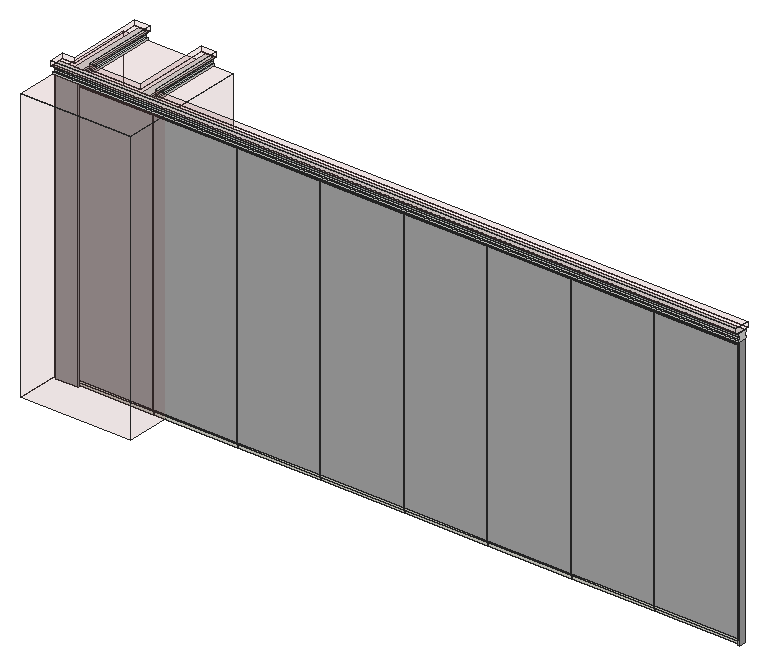
Revit family "Operable-Walls_Modernfold_Legacy-Premier_Single-Panels_Expandable-Panel-Parallel-Stack", category Specialty Equipment, Revit 2026
Family settings
  Round Connector Dimension = Use Diameter
  Part Type = Normal
  Classification Number = 23.25.40.17.14
  Work Plane-Based = No
  Enable Cutting in Views = No
  Always vertical = Yes
  Cut with Voids When Loaded = No
  Maintain Annotation Orientation = No
  Shared = No
  Room Calculation Point = No
Parameters (values of type "No Pocket Door")
  zWallJambVis [instance] = if([1.25 Inch Wall Jamb], 1 = 1, if(and(Bulb Seal, NotStack), 1 = 1, 1 = 0))  # yes
  zPCOffset [instance] = (Stack Depth - 0' 8 7/8" - 0' 1 1/2" - (0' 3" * Panel Array Count)) / Panel Array Count + 0' 3"  # 0' - 3.60417"
  zNoPckt = 1 = 1  # yes
  zHghtLmt [instance] = if(Ceiling Height > Ceiling Height Max, Ceiling Height Max, if(Ceiling Height < Ceiling Height Min, Ceiling Height Min, Ceiling Height))  # 12' - 0"
  zClearanceHeight = 0' - 2 13/16"  # constant formula
  zCCMID [instance] = Carrier Centers / 2  # 1' - 5 1/2"
  URL = "https://www.modernfold.com/en-US"
  Trim Material = Trim Color - Modernfold-Sherwin Williams® - Natural Choice
  Transfer Track [instance] = Stack Depth + 0' 6"  # 3' - 2"
  Track Trim = 0' - 1"  # constant formula
  Track Material = Wall finish - Modernfold - Anodized aluminium
  Track Clearance Vis [instance] = yes
  StacksWPanel [instance] = and(Stack, Bulb Seal)  # no
  Stack Depth [instance] = (0' 3 3/4" * Number of Panels) + 0' 2"  # 2' - 8"
  Stack Clearance Vis [instance] = yes
  Stack [instance] = no
  Plan View Warning [instance] = or(Panel Width > Panel Width Max, Panel Width < Panel Width Min, Installation Width > Installation Width Max, Ceiling Height > Ceiling Height Max, Ceiling Height < Ceiling Height Min)  # no
  Panel Width [instance] = (Installation Width - Lead Condition Width - 0' 1 1/4" - 0' 6 1/2") / (Number of Panels)  # 3' - 7 7/8"
  Panel Thickness = 0' - 3"  # constant formula
  Panel Material = Wall Finish - Modernfold - Grey
  Additional Panels [instance] = 0
  Number of Panels [instance] = if(Additional Panels = 0, Min Panel Count Allowed, if((Min Panel Count Allowed + Additional Panels) > Max Panel Count Allowed, Min Panel Count Allowed, Min Panel Count Allowed + Additional Panels))  # 8
  NotStack [instance] = not(Stack)  # yes
  Model = "Acousti-Seal® Legacy® & Premier®"
  Min Panel Count Allowed [instance] = roundup((Installation Width - Lead Condition Width - 0' 7 3/4") / (Panel Width Max))  # 8
  Max Panel Count Allowed [instance] = rounddown((Installation Width - Lead Condition Width - 0' 7 3/4") / (Panel Width Min))  # 12
  Manufacturer = "Modernfold"  # constant formula
  Manual Seal [instance] = not(Auto. Seal)  # no
  Lead Condition Width [instance] = if(Bulb Seal, 0' 1 1/2", 0' 1 1/4")  # 0' - 1 1/4"
  Installation Width [instance] = 30' - 0"
  Panel Width Min [instance] = 2' - 4"  # constant formula
  Panel Width Max [instance] = 4' - 0"  # constant formula
  Description = "Legacy/Premier - Expandable Panels - Single Panels - Parallel Stack - No Pocket Door"
  **Panel Count Available** [instance] = if((Min Panel Count Allowed + Additional Panels) > Max Panel Count Allowed, "Number of Panels does NOT fall within constraints listed. Panel count will default to minimum count allowed.", "Panel Count Available.")  # "Panel Count Available."
  Seal Width = 0' - 1 1/2"  # constant formula
  Panel Array Count [instance] = Number of Panels - 2  # 6
  Hinge Location [instance] = Panel Width + 0' 1 1/4" + 0' 6 1/2"  # 4' - 3 5/8"
  Fabrication Height [instance] = zHghtLmt - Track Trim  # 11' - 11"
  Clearance Width [instance] = Carrier Centers + Clearance Lead + Clearance Trail  # 4' - 10"
  Clearance Trail [instance] = 0' - 10"  # constant formula
  Clearance Lead [instance] = ClearLeadInt * 0' 1"  # 1' - 1"
  Clearance Depth [instance] = Stack Depth + 3' 0"  # 5' - 8"
  ClearTrailInt [instance] = roundup((Carrier Backset + 0' 5") / 0' 1")  # 10
  ClearLeadInt [instance] = if(Auto. Seal, roundup((Carrier Backset + 0' 8") / 0' 1"), roundup((Carrier Backset + 0' 5") / 0' 1"))  # 13
  Ceiling Height [instance] = 12' - 0"
  Carrier Centers [instance] = if((CSpacingInt * 0' 1") > Carrier Spacing Max, Carrier Spacing Max, (CSpacingInt * 0' 1"))  # 2' - 11"
  Carrier Backset [instance] = (Panel Width - Carrier Centers) / 2  # 0' - 4 7/16"
  CSpacingInt [instance] = rounddown((Panel Width - 0' 8") / 0' 1")  # 35
  Bulb Seal [instance] = not([1.25 Inch Wall Jamb])  # no
  Carrier Spacing Max [instance] = 3' - 0"  # constant formula
  Installation Width Max [instance] = 80' - 9"  # constant formula
  Does not Stack with Panels [instance] = and(Stack, [1.25 Inch Wall Jamb])  # no
  Default Elevation = 0' - 0"
  Ceiling Height Min [instance] = 4' - 2"  # constant formula
  Ceiling Height Max [instance] = 12' - 4"  # constant formula
  Start Panel Width [instance] = Panel Width  # 3' - 7 7/8"
  Bottom Seal Height = 0' - 2"  # constant formula
  Auto. Seal [instance] = yes
  1.25 Inch Wall Jamb [instance] = yes
Reference planes (in)
  plane 1 "Center (Front/Back)": y = 0
  plane 2: z = 0
  plane 3 "Left": x = -57.06482
  plane 4 "F": y = -24
  plane 5 "G": y = 44
  plane 6 "J&K": x = 0.93518
  plane 7 "L": x = -12.06482
  plane 8: x = -5.43982
  plane 9: x = 38.43518
  plane 10: x = 302.93518
  plane 11: x = 301.68518
  plane 12: x = 38.43518
  plane 13: z = 144
  plane 14: z = 143
  plane 15: y = 0.75
  plane 16: y = -0.75
  plane 17: z = 2
  plane 18: z = 2.625
  plane 19: y = 1.5
  plane 20: y = -1.5
  plane 21: y = 2.5
  plane 22: y = -2.5
  plane 23: y = 2.1543
  plane 24: y = -2.1543
  plane 25: z = 147.1875
  plane 26: z = 150
  plane 27: z = 141.75
  plane 28: z = 141.25
  plane 29: y = 4
  plane 30: y = -4
  plane 31: y = 1.80291
  plane 32: y = -4.4375
  plane 33: x = -55.81482
  plane 34: x = -47.06482
  plane 35: z = 150
  plane 36: y = 12
  plane 37: x = -16.06482
  plane 38: x = -14.21912
  plane 39: x = -29.56482
  plane 40: y = 39
  plane 41: y = 35.125
  plane 42: y = 31.52083
  plane 43: x = -29.56482
  plane 44: x = -29.56482
  plane 45: x = -29.56482
  plane 46: x = -29.56482
  plane 47: x = -29.56482
  plane 48: x = -29.56482
Forms (in)
  Sweep 1, solid, material "Wall finish - Modernfold - Anodized aluminium" <- "Track Material"
    path origin (0, 0, 0) x (1, 0, 0) y (0, 1, 0)
      loop
        line (302.93518, 0) -> (-57.06482, 0)
    profile origin (122.93518, 0, 0) x (0, -1, 0) y (0, 0, 1)
      loop
        line (-2.1543, 147.1875) -> (-2.1543, 146.2845) -> (-1.531, 145.025) -> (-1.531, 144) -> (-2.5, 144) -> (-2.5, 143) -> (2.5, 143) -> (2.5, 144) -> (1.531, 144) -> (1.531, 145.025) -> (2.1543, 146.2845) -> (2.1543, 147.1875) -> (-2.1543, 147.1875)
  Extrusion 2, solid, material "Clearance", visible <- "Stack Clearance Vis"
    sketch origin (0, 0, 0) x (1, 0, 0) y (0, 1, 0)
      loop
        line (0.93518, 44) -> (-57.06482, 44) -> (-57.06482, -24) -> (0.93518, -24) -> (0.93518, 44)
    from 0 to 143
  Extrusion 3, solid, material "Clearance", visible <- "Track Clearance Vis"
    sketch origin (0, 0, 0) x (1, 0, 0) y (0, 1, 0)
      loop
        line (-8.06482, 44) -> (-16.06482, 44) -> (-16.06482, 4) -> (-43.06482, 4) -> (-43.06482, 44) -> (-51.06482, 44) -> (-51.06482, 4) -> (-57.06482, 4) -> (-57.06482, -4) -> (302.93518, -4) -> (302.93518, 4) -> (-8.06482, 4) -> (-8.06482, 44)
    from 147.1875 to 150
  Extrusion 4, solid, material "Wall finish - Modernfold - Anodized aluminium" <- "Track Material"
    sketch origin (-57.06482, 0, 0) x (0, 1, 0) y (0, 0, 1)
      loop
        line (2.1543, 147.1875) -> (-2.1543, 147.1875) -> (-2.1543, 146.2845) -> (-1.531, 145.025) -> (-1.531, 144) -> (-2.5, 144) -> (-2.5, 143) -> (2.5, 143) -> (2.5, 144) -> (1.531, 144) -> (1.531, 145.025) -> (2.1543, 146.2845) -> (2.1543, 147.1875)
    from 0 to 7.75
  Extrusion 5, solid, material "Clearance", visible <- "Track Clearance Vis"
    sketch origin (-57.06482, 0, 0) x (0, 1, 0) y (0, 0, 1)
      loop
        line (4, 147.1875) -> (4, 150) -> (-4, 150) -> (-4, 147.1875) -> (4, 147.1875)
    from 0 to 41
  Sweep 6, solid, material "Wall finish - Modernfold - Anodized aluminium" <- "Track Material"
    path origin (-174.37309, 81.66621, 0) x (1, 0, 0) y (0, 1, 0)
      loop
        line (127.30827, -37.66621) -> (127.30827, -79.51191)
    profile origin (-47.06482, 23.07715, 0) x (1, 0, 0) y (0, 0, 1)
      loop
        line (-2.1543, 147.1875) -> (-2.1543, 146.2845) -> (-1.531, 145.025) -> (-1.531, 144) -> (-2.5, 144) -> (-2.5, 143) -> (2.5, 143) -> (2.5, 144) -> (1.531, 144) -> (1.531, 145.025) -> (2.1543, 146.2845) -> (2.1543, 147.1875) -> (-2.1543, 147.1875)
  Sweep 7, solid, material "Wall finish - Modernfold - Anodized aluminium" <- "Track Material"
    path origin (-118.67986, 87.5198, 0) x (1, 0, 0) y (0, 1, 0)
      loop
        line (106.61504, -43.5198) -> (106.61504, -85.3655)
    profile origin (-12.06482, 23.07715, 0) x (1, 0, 0) y (0, 0, 1)
      loop
        line (-2.1543, 147.1875) -> (-2.1543, 146.2845) -> (-1.531, 145.025) -> (-1.531, 144) -> (-2.5, 144) -> (-2.5, 143) -> (2.5, 143) -> (2.5, 144) -> (1.531, 144) -> (1.531, 145.025) -> (2.1543, 146.2845) -> (2.1543, 147.1875) -> (-2.1543, 147.1875)
Cuts and joins
  joined: Sweep 1, Extrusion 4
  joined: Extrusion 3, Extrusion 5
Lines and regions (in)
  symbolic lines, style "Clearance", visible <- "Stack Clearance Vis"
    curve 1: line (-57.06482, -24, 0) -> (0.93518, -24, 0)
    curve 2: line (-57.06482, 44, 0) -> (-57.06482, -24, 0)
    curve 3: line (0.93518, -24, 0) -> (0.93518, 44, 0)
    curve 4: line (0.93518, 44, 0) -> (-57.06482, 44, 0)
  symbolic lines, style "Track Centerline"
    curve 5: line (-12.06482, 0, 0) -> (-12.06482, 44, 0)
    curve 6: line (302.93518, 0, 0) -> (-57.06482, 0, 0)
    curve 23: line (-47.06482, 44, 0) -> (-47.06482, 0, 0)
  symbolic lines, style "Clearance", visible <- "Track Clearance Vis"
    curve 7: line (-8.06482, 44, 0) -> (-16.06482, 44, 0)
    curve 8: line (-16.06482, 44, 0) -> (-16.06482, 4, 0)
    curve 9: line (-57.06482, -4, 0) -> (302.93518, -4, 0)
    curve 10: line (302.93518, -4, 0) -> (302.93518, 4, 0)
    curve 11: line (302.93518, 4, 0) -> (-8.06482, 4, 0)
    curve 12: line (-8.06482, 4, 0) -> (-8.06482, 44, 0)
    curve 21: line (-16.06482, 4, 0) -> (-57.06482, 4, 0)
    curve 22: line (-57.06482, -4, 0) -> (-57.06482, 4, 0)
    curve 24: line (-51.06482, 4, 0) -> (-51.06482, 44, 0)
    curve 25: line (-51.06482, 44, 0) -> (-43.06482, 44, 0)
    curve 26: line (-43.06482, 44, 0) -> (-43.06482, 4, 0)
  symbolic lines, style "Track outline"
    curve 13: line (-57.06482, 0, 147.1875) -> (302.93518, 0, 147.1875)
    curve 14: line (-57.06482, 0, 147.1875) -> (-57.06482, 0, 143)
    curve 15: line (302.93518, 0, 143) -> (-57.06482, 0, 143)
    curve 16: line (302.93518, 0, 147.1875) -> (302.93518, 0, 143)
    curve 17: line (-57.06482, 44, 143) -> (-57.06482, 44, 147.1875)
    curve 18: line (-57.06482, -2.1543, 147.1875) -> (-57.06482, -2.1543, 143)
    curve 19: line (-57.06482, -2.5, 143) -> (-57.06482, 44, 143)
    curve 20: line (-57.06482, 44, 147.1875) -> (-57.06482, -2.1543, 147.1875)
    curve 27: line (302.93518, 0, 144) -> (-57.06482, 0, 144)
    curve 28: line (-57.06482, -2.1543, 144) -> (-57.06482, 44, 144)
Dimensions and locks (in)
  "Clearance Width": plane 3 "Left" to plane 6 "J&K"
  "Installation Width": plane 3 "Left" to plane 10
  "Hinge Location": plane 3 "Left" to plane 8
  "Panel Width": plane 8 to plane 9
  "Lead Condition Width": plane 11 to plane 10
  "zHghtLmt": plane 13 to level
  "Track Trim": plane 13 to plane 14
  plane 14 to level = 11' - 11"
  "Bottom Seal Height": plane 17 to level
  equal spacing: plane 15, plane 1 "Center (Front/Back)", plane 16
  "Seal Width": plane 15 to plane 16
  locked: plane 18 to plane 17 at 0.625
  equal spacing: plane 19, plane 1 "Center (Front/Back)", plane 20
  "Panel Thickness": plane 19 to plane 20
  equal spacing: plane 21, plane 1 "Center (Front/Back)", plane 22
  locked: plane 21 to plane 22 at 5
  equal spacing: plane 23, plane 1 "Center (Front/Back)", plane 24
  locked: plane 23 to plane 24 at 4.30859
  plane 14 to plane 27 to plane 28 = 0' - 1 1/4" locked, 0' - 0 1/2" locked
  equal spacing: plane 29, plane 1 "Center (Front/Back)", plane 30
  plane 29 to plane 30 = 0' - 8"
  equal spacing: group 1, group 5, group 6, group 7, group 8, group 2  (x3)
  equal spacing: group 3, group 9, group 10, group 11, group 12, group 4  (x3)
  locked: plane 1 "Center (Front/Back)" to plane 31 at 1.80291
  "Carrier Backset": plane 32 to plane 1 "Center (Front/Back)"
  locked: plane 3 "Left" to plane 33 at 1.25
  Extrusion 3 sketch curve to plane 1 "Center (Front/Back)" to Extrusion 3 sketch curve = 0' - 4", 0' - 4"
  locked: plane 25 to plane 14 at 4.1875
  "zClearanceHeight": plane 35 to plane 25
  locked: plane 1 "Center (Front/Back)" to plane 36 at 12
  "Stack Depth": plane 36 to plane 5 "G"
  "Clearance Depth": plane 5 "G" to plane 4 "F"
  locked: curve 8 to plane 7 "L" at 4
  "Clearance Lead": plane 7 "L" to plane 6 "J&K"
  "Carrier Centers": plane 34 to plane 7 "L"
  Extrusion 3 sketch curve to plane 7 "L" to Extrusion 3 sketch curve = 0' - 4" locked, 0' - 4" locked
  locked: plane 37 to plane 7 "L" at 4
  locked: plane 38 to plane 7 "L" at 2.1543
  locked: Extrusion 3 sketch curve to plane 34 at 4
  locked: plane 34 to Extrusion 3 sketch curve at 4
  "zCCMID": plane 39 to plane 7 "L"
  locked: plane 5 "G" to plane 40 at 5
  locked: plane 5 "G" to plane 41 at 8.875
  "zPCOffset": plane 42 to plane 41
  aligned and locked: plane 2 to level
  aligned and locked: Sweep 1 sketch curve to plane 1 "Center (Front/Back)"
  aligned and locked: Sweep 1 sketch curve to plane 25
  aligned and locked: Sweep 1 sketch curve to plane 13
  aligned and locked: Sweep 1 sketch curve to plane 14
  aligned and locked: Sweep 1 sketch curve to plane 21
  aligned and locked: Sweep 1 sketch curve to plane 22
  aligned and locked: plane 12 to nested 1
  aligned and locked: plane 1 "Center (Front/Back)" to nested 1
  aligned and locked: plane 11 to nested 2
  aligned and locked: plane 1 "Center (Front/Back)" to nested 2
  aligned and locked: plane 1 "Center (Front/Back)" to nested 4
  aligned and locked: plane 11 to nested 4
  aligned and locked: plane 1 "Center (Front/Back)" to nested 5
  aligned and locked: plane 8 to nested 5
  aligned and locked: plane 8 to nested 6
  aligned and locked: plane 1 "Center (Front/Back)" to nested 6
  aligned and locked: plane 3 "Left" to nested 7
  aligned and locked: plane 1 "Center (Front/Back)" to nested 7
  aligned and locked: Extrusion 2 sketch curve to plane 4 "F"
  aligned and locked: Extrusion 2 sketch curve to plane 3 "Left"
  aligned and locked: Extrusion 2 sketch curve to plane 5 "G"
  aligned and locked: Extrusion 2 to level
  aligned and locked: plane 14 to Extrusion 2
  aligned and locked: curve 1 to Extrusion 2
  aligned and locked: curve 2 to Extrusion 2
  aligned and locked: Extrusion 2 to curve 4
  aligned and locked: Extrusion 2 sketch curve to plane 6 "J&K"
  aligned and locked: plane 10 to curve 6
  aligned and locked: Extrusion 3 sketch curve to plane 10
  aligned and locked: Extrusion 3 to plane 25
  aligned and locked: nested 9 to nested 8
  aligned and locked: Extrusion 3 to curve 10
  aligned and locked: plane 25 to Extrusion 4 sketch curve
  aligned and locked: plane 14 to Extrusion 4 sketch curve
  aligned and locked: plane 21 to Extrusion 4 sketch curve
  aligned and locked: plane 22 to Extrusion 4 sketch curve
  aligned and locked: plane 13 to Extrusion 4 sketch curve
  aligned and locked: Extrusion 4 to plane 3 "Left"
  aligned and locked: curve 14 to cut or joined group of Sweep 1, Extrusion 4
  aligned and locked: curve 15 to Extrusion 2
  aligned and locked: curve 16 to cut or joined group of Sweep 1, Extrusion 4
  aligned and locked: curve 19 to cut or joined group of Sweep 1, Extrusion 4
  aligned and locked: curve 20 to cut or joined group of Sweep 1, Extrusion 4
  aligned and locked: plane 12 to plane 9
  aligned and locked: plane 1 "Center (Front/Back)" to nested 13
  aligned and locked: plane 33 to nested 13
  aligned and locked: cut or joined group of Extrusion 3, Extrusion 5 to plane 29
  aligned and locked: cut or joined group of Extrusion 3, Extrusion 5 to plane 30
  aligned and locked: curve 11 to cut or joined group of Extrusion 3, Extrusion 5
  aligned and locked: cut or joined group of Extrusion 3, Extrusion 5 to curve 9
  aligned and locked: cut or joined group of Extrusion 3, Extrusion 5 to curve 8
  aligned and locked: curve 12 to cut or joined group of Extrusion 3, Extrusion 5
  aligned and locked: cut or joined group of Extrusion 3, Extrusion 5 to plane 35  (x2)
  aligned and locked: plane 3 "Left" to curve 9
  aligned and locked: plane 3 "Left" to curve 21
  aligned and locked: plane 3 "Left" to curve 22
  aligned and locked: plane 5 "G" to Extrusion 3 sketch curve  (x2)
  aligned and locked: curve 7 to plane 5 "G"
  aligned and locked: curve 5 to plane 5 "G"
  aligned and locked: plane 37 to cut or joined group of Extrusion 3, Extrusion 5
  aligned and locked: Sweep 6 sketch curve to plane 34
  aligned and locked: plane 5 "G" to Sweep 6 sketch curve
  aligned and locked: plane 3 "Left" to Sweep 1 sketch curve
  aligned and locked: plane 23 to Sweep 6 sketch curve
  aligned and locked: Sweep 7 sketch curve to plane 7 "L"
  aligned and locked: plane 23 to Sweep 7 sketch curve
  aligned and locked: Sweep 7 sketch curve to plane 5 "G"
  aligned and locked: plane 13 to Sweep 6
  aligned and locked: plane 13 to Sweep 7
  aligned and locked: curve 23 to plane 34
  aligned and locked: plane 5 "G" to curve 23
  aligned and locked: plane 1 "Center (Front/Back)" to curve 23
  aligned and locked: curve 25 to plane 5 "G"
  aligned and locked: plane 29 to curve 24
  aligned and locked: plane 29 to curve 26
  aligned and locked: curve 24 to cut or joined group of Extrusion 3, Extrusion 5
  aligned and locked: curve 26 to cut or joined group of Extrusion 3, Extrusion 5
  aligned and locked: plane 40 to nested 8
  aligned and locked: plane 39 to nested 8
  aligned and locked: plane 41 to nested 9
  aligned and locked: plane 39 to nested 9
  aligned and locked: nested 10 to plane 42
  aligned and locked: nested 3 to plane 36
  aligned and locked: nested 11 to nested 3
  aligned and locked: nested 3 to nested 11
  aligned and locked: curve 27 to cut or joined group of Sweep 1, Extrusion 4
  aligned and locked: curve 28 to plane 13
  aligned and locked: plane 39 to plane 43
  aligned and locked: plane 39 to plane 44
Automatic sketch dimensions
  Sweep 1 sketch curve to plane 10 = 0' - 0"
  profile plane to Sweep 1 sketch curve = 0' - 2.1543"
  Sweep 1 sketch curve to Sweep 1 sketch curve = 0' - 0.969"  (x2)
  Sweep 1 sketch curve to profile plane = 0' - 2.1543"
  Sweep 1 sketch curve to Sweep 1 sketch curve = 0' - 1"
  Sweep 1 sketch curve to Sweep 1 sketch curve = 0' - 1.025"  (x2)
  Sweep 1 sketch curve to Sweep 1 sketch curve = 0' - 0.903"  (x2)
  Extrusion 4 sketch curve to plane 24 = 0' - 0"
  Extrusion 4 sketch curve to plane 13 = 0' - 0"
  Extrusion 4 sketch curve to plane 23 = 0' - 0"
  plane 20 to Extrusion 4 sketch curve = 0' - 0.031"
  plane 19 to Extrusion 4 sketch curve = 0' - 0.031"
  Extrusion 4 sketch curve to Extrusion 4 sketch curve = 0' - 1.025"  (x2)
  Extrusion 4 sketch curve to plane 25 = 0' - 0.903"  (x2)
  Extrusion 5 sketch curve to plane 25 = 0' - 0"
  Extrusion 5 sketch curve to plane 30 = 0' - 0"
  Extrusion 5 sketch curve to plane 26 = 0' - 0"
  Extrusion 5 sketch curve to plane 29 = 0' - 0"
  profile plane to Sweep 6 sketch curve = 0' - 2 1/2"
  profile plane to Sweep 6 sketch curve = 0' - 2.1543"
  Sweep 6 sketch curve to Sweep 6 sketch curve = 0' - 0.969"  (x2)
  Sweep 6 sketch curve to profile plane = 0' - 1.531"
  Sweep 6 sketch curve to profile plane = 0' - 2.1543"
  level to Sweep 6 sketch curve = 11' - 11"
  Sweep 6 sketch curve to Sweep 6 sketch curve = 0' - 1"  (x2)
  Sweep 6 sketch curve to Sweep 6 sketch curve = 0' - 1.025"  (x2)
  Sweep 6 sketch curve to Sweep 6 sketch curve = 0' - 1.2595"  (x2)
  Sweep 6 sketch curve to Sweep 6 sketch curve = 0' - 0.903"
  profile plane to Sweep 7 sketch curve = 0' - 2 1/2"
  profile plane to Sweep 7 sketch curve = 0' - 2.1543"
  Sweep 7 sketch curve to Sweep 7 sketch curve = 0' - 0.969"  (x2)
  Sweep 7 sketch curve to profile plane = 0' - 1.531"
  Sweep 7 sketch curve to profile plane = 0' - 2.1543"
  level to Sweep 7 sketch curve = 11' - 11"
  Sweep 7 sketch curve to Sweep 7 sketch curve = 0' - 1"  (x2)
  Sweep 7 sketch curve to Sweep 7 sketch curve = 0' - 1.025"  (x2)
  Sweep 7 sketch curve to Sweep 7 sketch curve = 0' - 1.2595"  (x2)
  Sweep 7 sketch curve to Sweep 7 sketch curve = 0' - 0.903"
  Extrusion 3 sketch curve to plane 3 "Left" = 0' - 0"
  plane 29 to Extrusion 3 sketch curve = 0' - 0"  (x2)
  curve 5 to plane 7 "L" = 0' - 0"
  plane 29 to curve 12 = 0' - 0"
  curve 4 to plane 6 "J&K" = 0' - 0"
  plane 4 "F" to curve 1 = 0' - 0"
  curve 22 to plane 30 = 0' - 0"
  plane 3 "Left" to curve 25 = 0' - 6"
  curve 12 to plane 8 = 0' - 2 5/8"
  plane 34 to curve 26 = 0' - 4"
  curve 13 to plane 3 "Left" = 0' - 0"
  curve 16 to plane 14 = 0' - 0"
  curve 14 to plane 25 = 0' - 0"
  curve 19 to plane 22 = 0' - 0"
  curve 20 to plane 24 = 0' - 0"
  curve 20 to plane 5 "G" = 0' - 0"
Nested families (in)
  nested 1: "Panel" at (60.37268, 0, 0), visible <- "NotStack", type "Extended"
    with LEAD yes, Dash Width 0' - 6 15/16", CarrierVis yes, Width 3' - 7 7/8", Carrier Spacing 2' - 11"
  nested 2: "Panel" at (279.74768, 0, 0), visible <- "NotStack", type "Extended"
    with LEAD yes, Dash Width 0' - 6 15/16", CarrierVis yes, Width 3' - 7 7/8", Carrier Spacing 2' - 11"
  nested 3: "Panel" at (-29.56482, 13.5, 0) x (-1, 0, 0) z (0, 0, 1), visible <- "Stack", type "Stack"
    with LEAD yes, Dash Width 0' - 6 15/16", CarrierVis yes, Width 3' - 7 7/8", Carrier Spacing 2' - 11"
  nested 4: "Jamb" at (301.68518, 0, 0), visible <- "zWallJambVis", Jamb <- "1.25 Inch Wall Jamb", Bulb Seal <- "Bulb Seal", type "Jamb"
    with Lead Condition Width 0' - 1 1/4", Jamb yes, BulbStack no, Bulb Seal no, Fabrication Height 11' - 11"
  nested 5: "Panel" at (16.49768, 0, 0), visible <- "NotStack", type "Extended"
    with LEAD no, Dash Width 0' - 6 15/16", CarrierVis no, Width 3' - 7 7/8", Carrier Spacing 2' - 11"
  nested 6: "Panel" at (-27.37732, 0, 0), visible <- "NotStack", type "StarterPanel Ext"
    with LEAD no, Dash Width 0' - 6 15/16", CarrierVis no, Width 3' - 7 7/8", Carrier Spacing 2' - 11"
  nested 7: "HingedJamb" at (-57.06482, 0, 0), type "HingedJamb"
    with Width 0' - 1 1/4"
  nested 8: "Panel" at (-29.56482, 39, 0), visible <- "Stack", type "StarterPanel Stack"
    with LEAD no, Dash Width 0' - 6 15/16", CarrierVis no, Width 3' - 7 7/8", Carrier Spacing 2' - 11"
  nested 9: "Panel" at (-29.56482, 35.125, 0), visible <- "Stack", type "Stack"
    with LEAD no, Dash Width 0' - 6 15/16", CarrierVis no, Width 3' - 7 7/8", Carrier Spacing 2' - 11"
  nested 10: "Panel" at (-29.56482, 31.52083, 0) x (-1, 0, 0) z (0, 0, 1), visible <- "Stack", type "Stack"
    with LEAD yes, Dash Width 0' - 6 15/16", CarrierVis yes, Width 3' - 7 7/8", Carrier Spacing 2' - 11"
  nested 11: "Jamb" at (-7.62732, 13.5, 0), visible <- "StacksWPanel", type "Jamb"
    with Lead Condition Width 0' - 1 1/2", Jamb no, BulbStack yes, Bulb Seal no, Fabrication Height 11' - 11"
  nested 12: "Modernfold Warning" at (12.01728, -5.976, 0), visible <- "Plan View Warning", type "Modernfold Warning"
  nested 13: "Panel nose" at (-55.81482, 0, 0), visible <- "NotStack", type "Panel nose"
    with Jamb yes, BulbStack yes, Bulb Seal no
  nested 14: "Panel" at (104.24768, 0, 0), visible <- "NotStack", type "Extended"
    with LEAD yes, Dash Width 0' - 6 15/16", CarrierVis yes, Width 3' - 7 7/8", Carrier Spacing 2' - 11"
  nested 15: "Panel" at (148.12268, 0, 0), visible <- "NotStack", type "Extended"
    with LEAD yes, Dash Width 0' - 6 15/16", CarrierVis yes, Width 3' - 7 7/8", Carrier Spacing 2' - 11"
  nested 16: "Panel" at (191.99768, 0, 0), visible <- "NotStack", type "Extended"
    with LEAD yes, Dash Width 0' - 6 15/16", CarrierVis yes, Width 3' - 7 7/8", Carrier Spacing 2' - 11"
  nested 17: "Panel" at (235.87268, 0, 0), visible <- "NotStack", type "Extended"
    with LEAD yes, Dash Width 0' - 6 15/16", CarrierVis yes, Width 3' - 7 7/8", Carrier Spacing 2' - 11"
  nested 18: "Panel" at (-29.56482, 17.10417, 0) x (-1, 0, 0) z (0, 0, 1), visible <- "Stack", type "Stack"
    with LEAD yes, Dash Width 0' - 6 15/16", CarrierVis yes, Width 3' - 7 7/8", Carrier Spacing 2' - 11"
  nested 19: "Panel" at (-29.56482, 20.70833, 0) x (-1, 0, 0) z (0, 0, 1), visible <- "Stack", type "Stack"
    with LEAD yes, Dash Width 0' - 6 15/16", CarrierVis yes, Width 3' - 7 7/8", Carrier Spacing 2' - 11"
  nested 20: "Panel" at (-29.56482, 24.3125, 0) x (-1, 0, 0) z (0, 0, 1), visible <- "Stack", type "Stack"
    with LEAD yes, Dash Width 0' - 6 15/16", CarrierVis yes, Width 3' - 7 7/8", Carrier Spacing 2' - 11"
  nested 21: "Panel" at (-29.56482, 27.91667, 0) x (-1, 0, 0) z (0, 0, 1), visible <- "Stack", type "Stack"
    with LEAD yes, Dash Width 0' - 6 15/16", CarrierVis yes, Width 3' - 7 7/8", Carrier Spacing 2' - 11"
Definition of nested family "Panel"
  Parameters (values of type "StarterPanel Stack")
    Width = 3' - 10.15"
    Vertical Trim Control = and(Show Panel, Vertical Trim)  # no
    Vertical Trim = no
    URL = ""
    Trim Thickness = 0' - 0 1/2"  # constant formula
    Top Sweep = 0' - 1 1/4"  # constant formula
    Stack Line = yes
    Show Panel Dash = not(Show Panel)  # yes
    Show Panel = no
    Panel Width Control = if(Vertical Trim, 0' 0 3/4", 0' 0")  # 0' - 0"
    Panel Thickness = 0' - 3"
    Manufacturer = ""
    Leaf = yes
    LEAD [instance] = yes
    Keynote = ""
    Height = 11' - 11"
    Finished Floor Thickness = 0' - 0"
    Finish Material Metal = none
    Finish Material Panel = none
    Default Elevation = 0' - 0"
    Dash Width [instance] = (Width - 0' 2 1/4") / 6  # 0' - 7.31667"
    CarrierVis [instance] = no
    Carrier Spacing = 3' - 0"
    Bottom Seal Height = 0' - 2"
  Types (4): name | Show Panel Dash | Show Panel | Leaf
    Extended | no | yes | no
    Stack | yes | no | no
    StarterPanel Stack | yes | no | yes
    StarterPanel Ext | no | yes | no
  Reference planes (in)
    plane 1 "Center (Front/Back)": y = 0
    plane 2: z = 0
    plane 3 "Bottom Panel": z = 0
    plane 4 "Top": z = 143
    plane 5 "Bottom Seal": z = 2
    plane 6 "Top Trim": z = 141.75
    plane 7 "Bottom Trim": z = 2.625
    plane 8 "Center (Left/Right)": x = 0
    plane 9 "Back": y = 1.5
    plane 10 "Front": y = -1.5
    plane 11 "Back Seal": y = 0.75
    plane 12 "Front Seal": y = -0.75
    plane 13: z = 141.25
    plane 14: x = -23.075
    plane 15: x = 23.075
    plane 16: x = -22.575
    plane 17: x = 22.575
    plane 18: x = -18
    plane 19: x = 18
    plane 20: x = -23.065
    plane 21: x = 23.065
  Forms (in)
    Extrusion 1, solid, material <- "Finish Material Metal", visible <- "Show Panel", detail levels fine
      sketch origin (-23.61111, 0, 0) x (0, 1, 0) y (0, 0, 1)
        loop
          line (-0.75, 2) -> (-0.75, 0) -> (0.75, 0) -> (0.75, 2) -> (1.5, 2) -> (1.5, 2.625) -> (-1.5, 2.625) -> (-1.5, 2) -> (-0.75, 2)
        loop
          line (1.5, 143) -> (-1.5, 143) -> (-1.5, 141.75) -> (1.5, 141.75) -> (1.5, 143)
      from 0.53611 to 46.68611
    Extrusion 2, solid, material <- "Finish Material Metal", visible <- "Show Panel", detail levels coarse+medium
      sketch origin (-23.61111, 0, 0) x (0, 1, 0) y (0, 0, 1)
        loop
          line (1.5, 0) -> (1.5, 2.625) -> (-1.5, 2.625) -> (-1.5, 0) -> (1.5, 0)
        loop
          line (1.5, 143) -> (-1.5, 143) -> (-1.5, 141.75) -> (1.5, 141.75) -> (1.5, 143)
      from 0.53611 to 46.68611
    Extrusion 3, solid, material <- "Finish Material Panel", visible <- "Show Panel"
      sketch origin (0, -1.5, 0) x (1, 0, 0) y (0, 0, 1)
        loop
          line (-23.065, 141.25) -> (-23.065, 2.625) -> (23.065, 2.625) -> (23.065, 141.25) -> (-23.065, 141.25)
      from 0 to -3
    Extrusion 4, solid, material <- "Finish Material Metal", visible <- "Show Panel"
      sketch origin (0, 0, 0) x (0, 1, 0) y (0, 0, 1)
        loop
          line (1.5, 141.75) -> (-1.5, 141.75) -> (-1.5, 141.25) -> (1.5, 141.25) -> (1.5, 141.75)
      from -23.075 to 23.075
    Extrusion 5, solid, visible <- "Show Panel Dash"
      sketch origin (0, 0, 0) x (1, 0, 0) y (0, 1, 0)
        loop
          line (23.075, 1.5) -> (-23.075, 1.5) -> (-23.075, -1.5) -> (23.075, -1.5) -> (23.075, 1.5)
      from 0 to 143
    Extrusion 6, solid, visible <- "Leaf"
      sketch origin (0, 0, 0) x (1, 0, 0) y (0, 1, 0)
        loop
          line (-23.075, 1.5) -> (-17.375, 1.5) -> (-17.375, 2.125) -> (-24.825, 2.125) -> (-24.825, -2.125) -> (-17.375, -2.125) -> (-17.375, -1.5) -> (-23.075, -1.5) -> (-23.075, 1.5)
      from 0 to 143
  Lines and regions (in)
    Masking region 1, visible <- "Show Panel"
      outline origin (0, 0, 2) x (-1, 0, 0) y (0, -1, 0)
        loop
          line (-23.075, -1.5) -> (23.075, -1.5) -> (23.075, 1.5) -> (-23.075, 1.5) -> (-23.075, -1.5)
    symbolic lines, visible <- "CarrierVis", detail levels medium+fine
      curve 1: circle (-18, 0, 0) r 0.6875 normal (0, 0, 1)
      curve 2: circle (18, 0, 0) r 0.6875 normal (0, 0, 1)
    symbolic lines, visible <- "Show Panel Dash"
      curve 3: line (-23.075, -1.5, 0) -> (23.075, -1.5, 0)
      curve 4: line (23.075, -1.5, 0) -> (23.075, 1.5, 0)
      curve 5: line (23.075, 1.5, 0) -> (-23.075, 1.5, 0)
      curve 6: line (-23.075, 1.5, 0) -> (-23.075, -1.5, 0)
    symbolic lines, visible <- "Leaf"
      curve 7: line (-17.375, 1.5, 0) -> (-17.375, 2.125, 0)
      curve 8: line (-17.375, 2.125, 0) -> (-24.825, 2.125, 0)
      curve 9: line (-24.825, 2.125, 0) -> (-24.825, -2.125, 0)
      curve 10: line (-24.825, -2.125, 0) -> (-17.375, -2.125, 0)
      curve 11: line (-17.375, -2.125, 0) -> (-17.375, -1.5, 0)
  Dimensions and locks (in)
    "Height": plane 4 "Top" to plane 3 "Bottom Panel"
    "Bottom Seal Height": plane 5 "Bottom Seal" to plane 3 "Bottom Panel"
    locked: plane 7 "Bottom Trim" to plane 5 "Bottom Seal" at 0.625
    "Panel Thickness": plane 10 "Front" to plane 9 "Back"
    "Finished Floor Thickness": plane 3 "Bottom Panel" to plane 2
    equal spacing: plane 10 "Front", plane 1 "Center (Front/Back)", plane 9 "Back"
    "Top Sweep": plane 4 "Top" to plane 6 "Top Trim"
    "Trim Thickness": plane 6 "Top Trim" to plane 13
    equal spacing: plane 15, plane 8 "Center (Left/Right)", plane 14
    "Width": plane 15 to plane 14
    locked: plane 16 to plane 14 at 0.5
    locked: plane 15 to plane 17 at 0.5
    equal spacing: plane 18, plane 8 "Center (Left/Right)", plane 19
    "Carrier Spacing": plane 18 to plane 19
    locked: plane 11 "Back Seal" to plane 12 "Front Seal" at 1.5
    equal spacing: plane 11 "Back Seal", plane 1 "Center (Front/Back)", plane 12 "Front Seal"
    locked: plane 20 to plane 14 at 0.01
    locked: plane 21 to plane 15 at 0.01
    aligned and locked: plane 2 to level
    aligned and locked: plane 5 "Bottom Seal" to Extrusion 1 sketch curve  (x2)
    aligned and locked: plane 3 "Bottom Panel" to Extrusion 1 sketch curve
    aligned and locked: plane 12 "Front Seal" to Extrusion 1 sketch curve
    aligned and locked: plane 11 "Back Seal" to Extrusion 1 sketch curve
    aligned and locked: plane 7 "Bottom Trim" to Extrusion 1 sketch curve
    aligned and locked: Extrusion 1 sketch curve to plane 4 "Top"
    aligned and locked: Extrusion 1 sketch curve to plane 6 "Top Trim"
    aligned and locked: Extrusion 1 sketch curve to plane 10 "Front"  (x2)
    aligned and locked: Extrusion 1 sketch curve to plane 9 "Back"  (x2)
    aligned and locked: Extrusion 2 sketch curve to plane 4 "Top"
    aligned and locked: Extrusion 2 sketch curve to plane 10 "Front"  (x2)
    aligned and locked: Extrusion 2 sketch curve to plane 9 "Back"  (x2)
    aligned and locked: Extrusion 2 sketch curve to plane 6 "Top Trim"
    aligned and locked: Extrusion 2 sketch curve to plane 7 "Bottom Trim"
    aligned and locked: Extrusion 2 sketch curve to plane 3 "Bottom Panel"
    aligned and locked: Masking region 1 sketch curve to plane 9 "Back"
    aligned and locked: Masking region 1 sketch curve to plane 10 "Front"
    aligned and locked: Extrusion 1 to plane 14
    aligned and locked: plane 15 to Extrusion 1
    aligned and locked: Extrusion 3 sketch curve to plane 13
    aligned and locked: Extrusion 3 sketch curve to plane 7 "Bottom Trim"
    aligned and locked: Extrusion 4 sketch curve to plane 9 "Back"
    aligned and locked: Extrusion 4 sketch curve to plane 10 "Front"
    aligned and locked: plane 6 "Top Trim" to Extrusion 4 sketch curve
    aligned and locked: plane 13 to Extrusion 4 sketch curve
    aligned and locked: plane 18 to curve 1
    aligned and locked: plane 1 "Center (Front/Back)" to curve 1
    aligned and locked: plane 1 "Center (Front/Back)" to curve 2
    aligned and locked: plane 15 to Extrusion 2
    aligned and locked: Extrusion 2 to plane 14
    aligned and locked: Masking region 1 to plane 14
    aligned and locked: plane 15 to Masking region 1
    aligned and locked: Extrusion 5 sketch curve to plane 9 "Back"
    aligned and locked: Extrusion 5 sketch curve to plane 10 "Front"
    aligned and locked: Extrusion 5 sketch curve to plane 14
    aligned and locked: Extrusion 5 sketch curve to plane 15
    aligned and locked: plane 4 "Top" to Extrusion 5
    aligned and locked: Extrusion 5 to level
    aligned and locked: curve 3 to Masking region 1
    aligned and locked: curve 4 to Masking region 1
    aligned and locked: curve 5 to Masking region 1
    aligned and locked: curve 6 to Masking region 1
    aligned and locked: Extrusion 4 to plane 14
    aligned and locked: plane 15 to Extrusion 4
    aligned and locked: Extrusion 3 to plane 20
    aligned and locked: plane 4 "Top" to Extrusion 6
  Automatic sketch dimensions
    plane 8 "Center (Left/Right)" to Masking region 1 sketch curve = 1' - 11.075"
    Masking region 1 sketch curve to plane 8 "Center (Left/Right)" = 1' - 11.075"
    plane 21 to Extrusion 3 sketch curve = 0' - 0"
    plane 14 to Extrusion 3 sketch curve = 0' - 0.01"
    plane 9 "Back" to Extrusion 6 sketch curve = 0' - 0"
    Extrusion 6 sketch curve to plane 14 = 0' - 0"
    plane 10 "Front" to Extrusion 6 sketch curve = 0' - 0"
    Extrusion 6 sketch curve to plane 9 "Back" = 0' - 0 5/8"
    Extrusion 6 sketch curve to plane 14 = 0' - 1 3/4"
    plane 18 to Extrusion 6 sketch curve = 0' - 0 5/8"  (x2)
    plane 10 "Front" to Extrusion 6 sketch curve = 0' - 0 5/8"
    plane 9 "Back" to curve 6 = 0' - 0"
    curve 6 to plane 14 = 0' - 0"
    plane 10 "Front" to curve 11 = 0' - 0"
    curve 2 to plane 19 = 0' - 0"
    curve 3 to plane 15 = 0' - 0"
    curve 8 to plane 9 "Back" = 0' - 0 5/8"
    curve 8 to plane 14 = 0' - 1 3/4"
    plane 18 to curve 7 = 0' - 0 5/8"
    plane 18 to curve 11 = 0' - 0 5/8"
    plane 10 "Front" to curve 11 = 0' - 0 5/8"
    radius of curve 1 = 0' - 0 11/16"
    radius of curve 2 = 0' - 0 11/16"
Definition of nested family "Jamb"
  Parameters (values of type "Jamb")
    Trim Material = none
    Panel Material = none
    Lead Condition Width [instance] = if(Jamb, 0' 1 1/4", 0' 1 1/2")  # 0' - 1 1/4"
    BulbStack [instance] = yes
    Bulb Seal [instance] = no
    Jamb [instance] = yes
    Fabrication Height = 11' - 11 7/8"
    Default Elevation = 0' - 0"
  Reference planes (in)
    plane 1 "Center (Front/Back)": y = 0
    plane 2: z = 0
    plane 3 "Center (Left/Right)": x = 0
    plane 4: x = 1.25
  Forms (in)
    Extrusion 1, solid, material <- "Panel Material", visible <- "Jamb"
      sketch origin (0.25, 0.65625, 0) x (1, 0, 0) y (0, 1, 0)
        loop
          line (-0.25, 0.84375) -> (-0.25, -2.15625) -> (1, -2.15625) -> (1, 0.84375) -> (-0.25, 0.84375)
      from 0 to 143.875 <- "Fabrication Height"
    Extrusion 2, solid, material <- "Trim Material", visible <- "Bulb Seal"
      sketch origin (0.25, 0.65625, 0) x (1, 0, 0) y (0, 1, 0)
        loop
          line (-0.25, 0.59375) -> (-0.25, -1.90625)
          arc (-0.25, -1.90625) -> (1, -0.65625) -> (-0.25, 0.59375) r 1.25
      from 0 to 143.875
    Extrusion 3, solid, visible <- "BulbStack"
      sketch origin (0, 0, 0) x (1, 0, 0) y (0, 1, 0)
        loop
          arc (0, -1.25) -> (1.25, 0) -> (0, 1.25) r 1.25
          line (0, 1.25) -> (0, -1.25)
      from 0 to 143.875
  Lines and regions (in)
    Masking region 1, visible <- "Jamb"
      outline origin (0, 0, 0) x (1, 0, 0) y (0, 1, 0)
        loop
          line (1.25, 1.5) -> (0, 1.5) -> (0, -1.5) -> (1.25, -1.5) -> (1.25, 1.5)
    Masking region 2, visible <- "Bulb Seal"
      outline origin (0, 0, 0) x (1, 0, 0) y (0, 1, 0)
        loop
          line (0, 1.25) -> (0, -1.25)
          arc (0, -1.25) -> (1.25, 0) -> (0, 1.25) r 1.25
    model lines, visible <- "BulbStack"
      curve 1: line (0, 1.25, 0) -> (0, -1.25, 0)
      curve 2: arc (0, -1.25, 0) -> (1.25, 0, 0) -> (0, 1.25, 0) r 1.25
    symbolic lines, visible <- "BulbStack"
      curve 3: arc (0, -1.25, 0) -> (1.25, 0, 0) -> (0, 1.25, 0) r 1.25
      curve 4: line (0, 1.25, 0) -> (0, -1.25, 0)
  Dimensions and locks (in)
    "Lead Condition Width": plane 3 "Center (Left/Right)" to plane 4
    "Lead Condition Width": radius of Extrusion 2 sketch curve
    aligned and locked: plane 2 to level
    aligned and locked: Extrusion 1 to Extrusion 2
    aligned and locked: Masking region 1 sketch curve to Extrusion 1  (x3)
    aligned and locked: Masking region 1 sketch curve to Extrusion 2
    aligned and locked: Masking region 2 sketch curve to Extrusion 2  (x2)
    aligned and locked: Extrusion 3 sketch curve to Extrusion 2  (x2)
    aligned and locked: Extrusion 3 to level
    aligned and locked: Extrusion 3 to Extrusion 1
    aligned and locked: curve 1 to Extrusion 3
    aligned and locked: curve 2 to Extrusion 3
    aligned and locked: curve 3 to Extrusion 3
    aligned and locked: curve 4 to Extrusion 3
  Automatic sketch dimensions
    Extrusion 1 sketch curve to plane 3 "Center (Left/Right)" = 0' - 0"
    Extrusion 1 sketch curve to plane 4 = 0' - 0"
    plane 1 "Center (Front/Back)" to Extrusion 1 sketch curve = 0' - 1 1/2"
    Extrusion 1 sketch curve to plane 1 "Center (Front/Back)" = 0' - 1 1/2"
    Extrusion 2 sketch curve to plane 3 "Center (Left/Right)" = 0' - 0"
    plane 1 "Center (Front/Back)" to Extrusion 2 sketch curve = 0' - 0"
Definition of nested family "HingedJamb"
  Parameters (values of type "HingedJamb")
    Panel Material = none
    Width [instance] = 0' - 1 1/4"  # constant formula
    Fabrication Height = 11' - 11"
    Default Elevation = 0' - 0"
  Reference planes (in)
    plane 1 "Center (Front/Back)": y = 0
    plane 2: z = 0
    plane 3 "Center (Left/Right)": x = 0
    plane 4: x = 1.25
  Forms (in)
    Extrusion 1, solid, material <- "Panel Material"
      sketch origin (0.25, 0.65625, 0) x (1, 0, 0) y (0, 1, 0)
        loop
          line (-0.25, 0.84375) -> (-0.25, -2.15625) -> (1, -2.15625) -> (1, 0.84375) -> (-0.25, 0.84375)
      from 0 to 143 <- "Fabrication Height"
  Lines and regions (in)
    Masking region 1
      outline origin (0, 0, 0) x (1, 0, 0) y (0, 1, 0)
        loop
          line (1.25, 1.5) -> (0, 1.5) -> (0, -1.5) -> (1.25, -1.5) -> (1.25, 1.5)
  Dimensions and locks (in)
    "Width": plane 3 "Center (Left/Right)" to plane 4
    aligned and locked: plane 2 to level
    aligned and locked: Masking region 1 sketch curve to Extrusion 1  (x3)
  Automatic sketch dimensions
    Extrusion 1 sketch curve to plane 3 "Center (Left/Right)" = 0' - 0"
    Extrusion 1 sketch curve to plane 4 = 0' - 0"
    plane 1 "Center (Front/Back)" to Extrusion 1 sketch curve = 0' - 1 1/2"
    Extrusion 1 sketch curve to plane 1 "Center (Front/Back)" = 0' - 1 1/2"
    Masking region 1 sketch curve to plane 3 "Center (Left/Right)" = 0' - 0"
Definition of nested family "Panel nose"
  Parameters (values of type "Panel nose")
    Trim Material = none
    Panel Material = none
    BulbStack [instance] = yes
    Bulb Seal [instance] = no
    Jamb [instance] = yes
    Fabrication Height = 11' - 11"
    Default Elevation = 0' - 0"
  Reference planes (in)
    plane 1 "Center (Front/Back)": y = 0
    plane 2: z = 0
    plane 3 "Center (Left/Right)": x = 0
  Forms (in)
    Extrusion 1, solid, material <- "Panel Material", visible <- "Jamb"
      sketch origin (0.25, 0.65625, 0) x (1, 0, 0) y (0, 1, 0)
        loop
          line (-0.25, 1.49375) -> (-0.25, -2.80625) -> (11.25, -2.80625) -> (11.25, -2.15625) -> (6.25, -2.15625) -> (6.25, 0.84375) -> (11.25, 0.84375) -> (11.25, 1.49375) -> (-0.25, 1.49375)
      from 0 to 143 <- "Fabrication Height"
  Lines and regions (in)
    Masking region 1, visible <- "Jamb"
      outline origin (0, 0, 0) x (1, 0, 0) y (0, 1, 0)
        loop
          line (11.5, 2.15) -> (0, 2.15) -> (0, -2.15) -> (11.5, -2.15) -> (11.5, -1.5) -> (6.5, -1.5) -> (6.5, 0) -> (6.5, 1.5) -> (11.5, 1.5) -> (11.5, 2.15)
    model lines, visible <- "BulbStack"
      curve 1: line (0, 1.25, 0) -> (0, -1.25, 0)
    symbolic lines, visible <- "BulbStack"
      curve 2: line (0, 1.25, 0) -> (0, -1.25, 0)
  Dimensions and locks (in)
    locked: Extrusion 1 sketch curve to Extrusion 1 sketch curve at 5  (x2)
    Extrusion 1 sketch curve to Extrusion 1 sketch curve = 0' - 6 1/2"
    aligned and locked: plane 2 to level
Definition of nested family "Modernfold Warning"
  Parameters (values of type "Modernfold Warning")
    Warning = "!"
    Text = "Design outside of constraints"
    Text 2 = ""
  Reference planes (in)
    plane 1: y = 0
    plane 2: x = 0
  Lines and regions (in)
    Filled region 1, type "Filled region 1"
      outline origin (0, 0, 0) x (1, 0, 0) y (0, 1, 0)
        loop
          line (0, 0.16703) -> (-0.16703, 0) -> (0, -0.16703) -> (0.16703, 0) -> (0, 0.16703)
  Text (in)
    label "!" at (-0.00306, 0.01684, 0), shows "Warning"
    label "10\" Overlap Required when Center Mount is in use" at (0.05084, -0.34731, 0), shows "Text"
